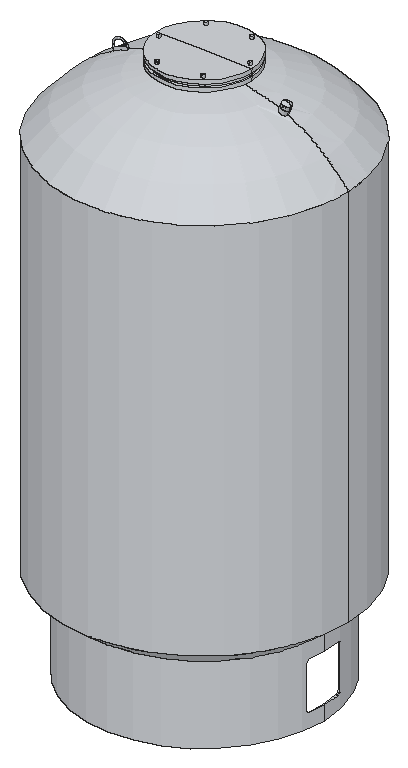
Revit family "FXA-7500", category Mechanical Equipment, Revit 2014
Parameters (values of type "FXA-7500")
  VoidLength = 7 1/2"
  URL = "http://westank.com/"
  TankVolume = "1980 Gallons"
  SystemConnectionAngle = 50.00°
  PartNumber = "21017500"
  OuterRadius = 15"
  Model = "FXA-7500"
  MaximumOperatingTemperature = "240°F"
  MaximumOperatingPressure = "125 PSIG"
  Manufacturer = "Wessels Company"
  InnerRadius = 14.766"
  InnerCircleDiameter = E - 3" / 4  # 59 1/4"
  HandleAngle = 120.00°
  G = 8 1/4"
  E = 60"
  F = 11"
  DrainAngle = 63.00°
  C = 4"
  BottomOfTheCylinder = 6.11811"
  B = 140.00969"
  ApproximateShipmentWeight = "4080 lbs"
  Angle = 35.00°
  A = 72"
Reference planes (in)
  plane 1 "Center (Front/Back)": y = 0
  plane 2: z = 0
  plane 3 "Center (Left/Right)": x = 0
  plane 4: x = -36
  plane 5: y = 1.9685
  plane 6: y = -1.9685
  plane 7: z = 140.00969
  plane 8: x = 36
  plane 9: y = 0.15626
  plane 10: y = -0.15626
  plane 11: x = 18
  plane 12: x = -30
  plane 13: x = 30
  plane 14: y = 0
  plane 15: y = 8.22887
  plane 16: y = -8.22887
  plane 17: through (0.00466, -180, 75.19677) normal (-0.9999, 0, -0.0139)
  plane 18: z = 129.36862
  plane 19: through (5.2036, -180, 8.83933) normal (-0.1726, 0, 0.985)
  plane 20: through (4.73728, -180, 11.50012) normal (-0.1726, 0, 0.985)
  plane 21: x = 11
  plane 22: x = 9
  plane 23: x = 13
  plane 24: z = 8.25
  plane 25: z = 117.4258
  plane 26: z = 116.9258
  plane 27: z = 117.9258
  plane 28: z = 73.2316
  plane 29: z = 75.12377
  plane 30: z = 71.33943
Forms (in)
  Revolve 1, solid
    sketch origin (0, 0, -5.12438) x (1, 0, 0) y (0, 0, 1)
      loop
        arc (0, 140.6902) -> (-19.97547, 137.84469) -> (-36, 125.58374) r 39.87117
        line (-36, 125.58374) -> (-36, 29.18424)
        arc (-36, 29.18424) -> (-19.1805, 19.73592) -> (0, 17.66831) r 48.02675
        line (0, 17.66831) -> (0, 140.6902)
      axis (0, 17.66831) -> (0, 140.6902)
    angle from 0 to 360
  Extrusion 2, solid
    sketch origin (0, 0, 0) x (1, 0, 0) y (0, 1, 0)
      loop
        circle (0, 0) r 30
      loop
        circle (0, 0) r 29.625
    from 24.05986 to 0
  Revolve 3, solid
    sketch origin (10.60687, 0, 76.39454) x (0.406737, 0, 0.913545) y (-0.913545, 0, 0.406737)
      loop
        line (55.07689, 14.53937) -> (55.07689, 13.45097) -> (56.58329, 13.45097) -> (56.58329, 13.48394) -> (57.39143, 13.48394)
        arc (57.39143, 13.48394) -> (57.73667, 13.95532) -> (57.75358, 14.53937) r 0.9835
        line (57.75358, 14.53937) -> (55.07689, 14.53937)
      axis (55.07689, 14.53937) -> (57.75358, 14.53937)
    angle from 0 to 360
  Sweep 4, solid
    path origin (0.37027, 0, 76.13863) x (-0.412986, 0, 0.910737) y (-0.910737, 0, -0.412986)
      loop
        arc (60.69644, -2.26291) -> (62.44644, -4.01291) -> (60.69644, -5.76291) r 1.75
    profile origin (-21.76453, 0, 134.66822) x (-0.412986, 0, 0.910737) y (0, -1, 0)
      loop
        circle (0, 0) r 0.15625
  Extrusion 5, solid
    sketch origin (2.38357, 0, 71.69879) x (-0.412986, 0, 0.910737) y (-0.910737, 0, -0.412986)
      loop
        line (65.57144, -2.10731) -> (64.59447, -2.10731) -> (64.59447, -5.92242) -> (65.57144, -5.92242) -> (65.57144, -2.10731)
    from 0.15626 to -0.15626
  Sweep 6, solid
    path origin (-12.625, 0, 54.83927) x (-1, 0, 0) y (0, 0, -1)
      loop
        arc (24.10198, -16.625) -> (25.85198, -18.375) -> (24.10198, -20.125) r 1.75
    profile origin (-38.47698, 0, 73.21427) x (-1, 0, 0) y (0, -1, 0)
      loop
        circle (0, 0) r 0.15625
  Extrusion 7, solid
    sketch origin (-7.75, 0, 54.83927) x (-1, 0, 0) y (0, 0, -1)
      loop
        line (28.97698, -16.50015) -> (28, -16.50015) -> (28, -20.2845) -> (28.97698, -20.2845) -> (28.97698, -16.50015)
    from 0.15626 to -0.15626
  Revolve 8, solid
    sketch origin (0.22045, 0, 73.50107) x (0, 0, 1) y (-1, 0, 0)
      loop
        line (66.04328, 0.22045) -> (61.64687, 0.22045) -> (61.64687, -6.99341)
        arc (61.64687, -6.99341) -> (62.4953, -6.62937) -> (63.41828, -6.60731) r 2.43519
        line (63.41828, -6.60731) -> (63.41828, -11.67222) -> (64.29328, -11.67222) -> (64.29328, -11.05594) -> (65.16828, -11.05594) -> (65.16828, -11.67222) -> (66.04328, -11.67222) -> (66.04328, 0.22045)
      axis (66.04328, 0.22045) -> (61.64687, 0.22045)
    angle from 0 to 360
  Extrusion 9, solid
    sketch origin (0, 0, 29.6875) x (0, 1, 0) y (0, 0, 1)
      loop
        circle (0, 87.73731) r 0.5
    from -35.73218 to -37.38968
  Revolve 10, solid
    sketch origin (2.81354, 0, 22.27473) x (0.172627, 0, -0.984987) y (0.984987, 0, 0.172627)
      loop
        line (13.18144, 6.2769) -> (9.44128, 6.2769) -> (9.44128, 3.1431)
        arc (9.44128, 3.1431) -> (10.42553, 3.36853) -> (11.40978, 3.1431) r 2.26145
        line (11.40978, 3.1431) -> (11.40978, 0.54248) -> (12.00033, 0.54248) -> (12.00033, 1.15877) -> (12.59089, 1.15877) -> (12.59089, 0.54248) -> (13.18144, 0.54248) -> (13.18144, 6.2769)
      axis (9.44128, 6.2769) -> (13.18144, 6.2769)
    angle from 0 to 360
  Extrusion 11, solid
    sketch origin (9.76687, -2.56268, 10.23894) x (-0.984979, 0, -0.172675) y (-0.000004, 1, 0.000023)
      loop
        circle (-3.74768, 6.40672) r 0.3937
    from 0.59055 to -2.11745
  Extrusion 12, solid
    sketch origin (11.6639, -2.64003, 10.57118) x (-0.747584, -0.651106, -0.131069) y (-0.641335, 0.758987, -0.112375)
      loop
        circle (-3.74768, 6.40672) r 0.3937
    from 0.59055 to -2.11248
  Extrusion 13, solid
    sketch origin (13.15336, -1.44481, 10.83203) x (-0.149831, -0.988362, -0.026308) y (-0.973528, 0.152123, -0.170595)
      loop
        circle (-3.74768, 6.40672) r 0.3937
    from 0.59055 to -2.10562
  Extrusion 14, solid
    sketch origin (13.51803, 0.44684, 10.89537) x (0.520149, -0.849202, 0.091112) y (-0.836457, -0.528068, -0.146572)
      loop
        circle (-3.74768, 6.40672) r 0.3937
    from 0.59055 to -2.11832
  Extrusion 15, solid
    sketch origin (12.58095, 2.1231, 10.73114) x (0.939407, -0.300705, 0.16459) y (-0.296195, -0.953717, -0.051887)
      loop
        circle (-3.74768, 6.40672) r 0.3937
    from 0.59055 to -2.10775
  Extrusion 16, solid
    sketch origin (10.79468, 2.77597, 10.41801) x (0.905852, 0.392739, 0.158709) y (0.386839, -0.91965, 0.067821)
      loop
        circle (-3.74768, 6.40672) r 0.3937
    from 0.59055 to -2.10608
  Extrusion 17, solid
    sketch origin (9.02019, 2.09076, 10.10699) x (0.435656, 0.896873, 0.076304) y (0.883404, -0.442288, 0.154848)
      loop
        circle (-3.74768, 6.40672) r 0.3937
    from 0.59055 to -2.11652
  Extrusion 18, solid
    sketch origin (8.11183, 0.39774, 9.94923) x (-0.244533, 0.968691, -0.042905) y (0.954145, 0.248268, 0.167246)
      loop
        circle (-3.74768, 6.40672) r 0.3937
    from 0.59055 to -2.10776
  Extrusion 19, solid
    sketch origin (8.50909, -1.48699, 10.0187) x (-0.806847, 0.573576, -0.141456) y (0.564961, 0.819153, 0.099038)
      loop
        circle (-3.74768, 6.40672) r 0.3937
    from 0.59055 to -2.10712
  Extrusion 20, solid
    sketch origin (7.35796, 0, -9.14698) x (0, 1, 0) y (1, 0, 0)
      loop
        circle (0, 3.64204) r 2
    from -20.64698 to -17.39698
  Extrusion 21, void
    sketch origin (0, -0.25, 1.5) x (0, 1, 0) y (0, 0, 1)
      loop
        arc (-4.15626, 14) -> (-4.63889, 13.73263) -> (-4.90626, 13.25) r 1
        line (-4.90626, 13.25) -> (-4.90626, 2.91491)
        arc (-4.90626, 2.91491) -> (-4.66396, 2.27523) -> (-4.06716, 1.94094) r 1
        line (-4.06716, 1.94094) -> (4.81753, 1.94094)
        arc (4.81753, 1.94094) -> (5.52464, 2.23384) -> (5.81753, 2.94094) r 1
        line (5.81753, 2.94094) -> (5.81753, 13)
        arc (5.81753, 13) -> (5.52464, 13.70711) -> (4.81753, 14) r 1
        line (4.81753, 14) -> (-4.15626, 14)
    from 33.23522 to 23.65049
  Extrusion 22, solid
    sketch origin (0.73716, -8.09976, 138.79867) x (-0.97815, -0.207903, 0.000135) y (0.207903, -0.97815, 0.00016)
      loop
        circle (5.04849, 0.53402) r 0.3937
    from 1.203 to -2.3622
  Extrusion 23, solid
    sketch origin (-6.64572, -4.68778, 138.79878) x (-0.669125, 0.74315, 0.000134) y (-0.74315, -0.669125, 0.000164)
      loop
        circle (5.04849, 0.53402) r 0.3937
    from 1.203 to -2.3622
  Extrusion 24, solid
    sketch origin (-7.38645, 3.39398, 138.79753) x (0.309024, 0.951054, 0.000273) y (-0.951054, 0.309024, 0.000141)
      loop
        circle (5.04849, 0.53402) r 0.3937
    from 1.203 to -2.3622
  Extrusion 25, solid
    sketch origin (-0.68883, 8.09976, 138.78559) x (0.978149, 0.207906, 0.000398) y (-0.207906, 0.978149, 0.000104)
      loop
        circle (5.04849, 0.53402) r 0.3937
    from 1.203 to -2.3622
  Extrusion 26, solid
    sketch origin (6.64686, 4.6898, 138.79914) x (0.669127, -0.743148, 0.000139) y (0.743148, 0.669127, 0.000148)
      loop
        circle (5.04849, 0.53402) r 0.3937
    from 1.203 to -2.3622
  Extrusion 27, solid
    sketch origin (7.40417, -3.39845, 138.80549) x (-0.30902, -0.951055, 0.000242) y (0.951055, -0.30902, 0.000133)
      loop
        circle (5.04849, 0.53402) r 0.3937
    from 1.203 to -2.3622
  Extrusion 28, solid
    sketch origin (0.73769, -8.09975, 138.79763) x (-0.978148, -0.207909, 0.000135) y (0.207909, -0.978148, 0.00016)
      loop
        circle (5.04849, 0.53402) r 0.3937
    from 1.203 to -2.3622
Cuts and joins
  Extrusion 21 cuts Extrusion 2
  joined: Revolve 1, Extrusion 2, Revolve 3, Extrusion 5, Extrusion 7, Revolve 10, Extrusion 20
Dimensions and locks (in)
  equal spacing: plane 5, plane 1 "Center (Front/Back)", plane 6
  "B": plane 7 to level
  equal spacing: plane 8, plane 3 "Center (Left/Right)", plane 4
  "A": plane 8 to plane 4
  plane 9 to plane 10 = 0.31252"
  equal spacing: plane 13, plane 3 "Center (Left/Right)", plane 12
  "E": plane 13 to plane 12
  locked: Revolve 3 sketch curve to Revolve 3 sketch curve at 0.03297
  equal spacing: plane 15, plane 14, plane 16
  Revolve 8 sketch curve to Revolve 8 sketch curve = 1.77141"
  locked: Extrusion 9 sketch curve to plane 14 at 0
  locked: Revolve 10 sketch curve to Revolve 10 sketch curve at 0.59055  (x3)
  locked: Revolve 10 sketch curve to Revolve 10 sketch curve at 1.9685
  locked: Extrusion 20 sketch curve to plane 1 "Center (Front/Back)" at 0
  equal spacing: plane 22, plane 21, plane 23
  "F": plane 21 to plane 3 "Center (Left/Right)"
  "C": plane 22 to plane 23
  Revolve 8 sketch curve to Revolve 8 sketch curve = 7/8"  (x3)
  locked: plane 7 to Revolve 8 sketch curve at 0.46534
  locked: Extrusion 9 sketch curve to plane 25 at 0.00099
  locked: plane 26 to plane 27 at 1
  plane 27 to plane 26 = 1"
  Revolve 1 to plane 25 = 3.03356"
  equal spacing: Extrusion 7 sketch curve, plane 28, Extrusion 7 sketch curve
  equal spacing: plane 27, plane 25, plane 26
  "C": diameter of Extrusion 20 sketch curve
  "E": diameter of Extrusion 2 sketch curve
  "InnerCircleDiameter": diameter of Extrusion 2 sketch curve
  aligned and locked: level to plane 2
  aligned and locked: plane 4 to Revolve 1 sketch curve
  aligned and locked: Revolve 3 sketch curve to Revolve 3 sketch curve
  aligned and locked: Extrusion 5 sketch curve to Sweep 4
  aligned and locked: Extrusion 5 to plane 10
  aligned and locked: plane 9 to Extrusion 5
  aligned and locked: Extrusion 7 sketch curve to Sweep 6
  aligned and locked: Revolve 8 sketch curve to Revolve 8 sketch curve
  aligned and locked: Revolve 10 sketch curve to Revolve 10 sketch curve
  aligned and locked: Revolve 8 sketch curve to plane 3 "Center (Left/Right)"
  aligned and locked: Extrusion 20 to plane 24
  aligned and locked: Extrusion 7 to plane 29
  aligned and locked: Extrusion 7 to plane 30
  aligned and locked: plane 7 to Extrusion 27
Automatic sketch dimensions
  Sweep 6 sketch curve to plane 4 = 0.72698"
  Sweep 6 sketch curve to Sweep 6 sketch curve = 1 3/4"
  Sweep 6 sketch curve to profile plane = 0"
  profile plane to Sweep 6 sketch curve = 0"
  plane 4 to Extrusion 7 sketch curve = 1/4"
  Revolve 8 sketch curve to plane 3 "Center (Left/Right)" = 0"
  Revolve 8 sketch curve to Revolve 8 sketch curve = 0.40437"
  Revolve 8 sketch curve to Revolve 8 sketch curve = 2.01528"
  Revolve 8 sketch curve to Revolve 8 sketch curve = 21/32"
  plane 7 to Revolve 8 sketch curve = 0.53466"
  plane 3 "Center (Left/Right)" to Revolve 8 sketch curve = 6.82776"
  Revolve 8 sketch curve to Revolve 8 sketch curve = 2.04725"
  Revolve 8 sketch curve to Revolve 8 sketch curve = 0.61629"
  plane 20 to Revolve 10 sketch curve = 1.50366"
  plane 20 to Revolve 10 sketch curve = 0.51941"
  Revolve 10 sketch curve to Revolve 10 sketch curve = 0.5646"
  Revolve 10 sketch curve to Revolve 10 sketch curve = 0.61629"
  Revolve 10 sketch curve to Revolve 10 sketch curve = 2.03603"
  Revolve 10 sketch curve to Revolve 10 sketch curve = 3.1338"
  Revolve 10 sketch curve to Revolve 10 sketch curve = 19.38704"
  Revolve 10 sketch curve to Revolve 10 sketch curve = 0.1272"
  Revolve 10 sketch curve to Revolve 10 sketch curve = 0"
  plane 16 to Extrusion 21 sketch curve = 3.0726"
  Extrusion 21 sketch curve to Extrusion 21 sketch curve = 3/4"
  Extrusion 21 sketch curve to Extrusion 21 sketch curve = 0.8391"
  Extrusion 21 sketch curve to Extrusion 21 sketch curve = 0.97448"  (x2)
  Extrusion 21 sketch curve to Extrusion 21 sketch curve = 0.99992"
  plane 5 to Extrusion 21 sketch curve = 2.59903"  (x2)
  Extrusion 21 sketch curve to Extrusion 21 sketch curve = 1"
  level to Extrusion 21 sketch curve = 3.44094"
  Extrusion 21 sketch curve to Extrusion 21 sketch curve = 0.97397"
  plane 22 to Revolve 10 sketch curve = 3.37664"
  Extrusion 21 sketch curve to Extrusion 21 sketch curve = 10.05906"
  Revolve 1 sketch curve to plane 3 "Center (Left/Right)" = 0"  (x2)
  Revolve 1 sketch curve to plane 3 "Center (Left/Right)" = 4.54781"  (x2)
  plane 24 to Revolve 1 sketch curve = 15.80986"
  Revolve 1 sketch curve to plane 18 = 8.90826"
  plane 24 to Revolve 1 sketch curve = 4.29393"
  Revolve 1 sketch curve to Revolve 1 sketch curve = 8.15106"
  plane 26 to Revolve 1 sketch curve = 20.97092"
  Revolve 1 sketch curve to Revolve 1 sketch curve = 19.71078"
  plane 24 to Sweep 6 sketch curve = 64.96427"
  Extrusion 7 sketch curve to plane 29 = 0"
  Sweep 4 sketch curve to plane 7 = 6.93526"
  plane 12 to Sweep 4 sketch curve = 8.95819"
  Sweep 4 sketch curve to Sweep 4 sketch curve = 1 3/4"
  Sweep 4 sketch curve to profile plane = 0"
  profile plane to Sweep 4 sketch curve = 0"
  Extrusion 5 sketch curve to Extrusion 5 sketch curve = 0.97698"
  Extrusion 5 sketch curve to plane 7 = 6.14666"
  Extrusion 5 sketch curve to Extrusion 5 sketch curve = 3.81511"
  plane 11 to Revolve 3 sketch curve = 1.72628"
  Revolve 3 sketch curve to plane 7 = 7.38621"
  Revolve 3 sketch curve to Revolve 3 sketch curve = 1.5064"
  Revolve 3 sketch curve to Revolve 3 sketch curve = 0"
  Revolve 3 sketch curve to Revolve 3 sketch curve = 0.22312"
  Revolve 3 sketch curve to Revolve 3 sketch curve = 0.80814"
  Revolve 3 sketch curve to Revolve 3 sketch curve = 0.94717"
  Revolve 3 sketch curve to Revolve 3 sketch curve = 0.26484"
  Revolve 3 sketch curve to Revolve 3 sketch curve = 5.44847"
  Revolve 3 sketch curve to Revolve 3 sketch curve = 0.07201"
  Extrusion 2 sketch curve to Extrusion 2 sketch curve = 0"  (x2)
  plane 1 "Center (Front/Back)" to Extrusion 2 sketch curve = 0"
  Extrusion 2 sketch curve to plane 3 "Center (Left/Right)" = 0"
  Extrusion 20 sketch curve to plane 21 = 0"
  radius of Extrusion 11 sketch curve = 0.3937"
  radius of Extrusion 12 sketch curve = 0.3937"
  radius of Extrusion 13 sketch curve = 0.3937"
  radius of Extrusion 14 sketch curve = 0.3937"
  radius of Extrusion 15 sketch curve = 0.3937"
  radius of Extrusion 16 sketch curve = 0.3937"
  radius of Extrusion 17 sketch curve = 0.3937"
  radius of Extrusion 18 sketch curve = 0.3937"
  radius of Extrusion 19 sketch curve = 0.3937"
  radius of Sweep 6 sketch curve = 5/32"
  radius of Extrusion 9 sketch curve = 1/2"
  radius of Extrusion 22 sketch curve = 0.3937"
  radius of Extrusion 23 sketch curve = 0.3937"
  radius of Extrusion 24 sketch curve = 0.3937"
  radius of Extrusion 25 sketch curve = 0.3937"
  radius of Extrusion 26 sketch curve = 0.3937"
  radius of Extrusion 27 sketch curve = 0.3937"
  radius of Extrusion 28 sketch curve = 0.3937"
  radius of Sweep 4 sketch curve = 5/32"
Connectors (in)
  piping at (11, 0, 8.25), diameter 4, driven by "C"
    settings: on Extrusion 20, index 1, connector inside diameter 24", connector length 0", flow factor 0, pipe flow 0 GPM, pressure drop 0.00 psi, fitting loss kfactor 0, connector angle 0.00°, fixture units 0, engagement length 0", angle of deflection 0.00°, flow configuration 0, flow direction 0, fitting loss method 0, system type 7, joint type 0, gender type 0, connector reference index -1, connector utility 0, adjustable connector no, is connector primary yes, connector description ""
